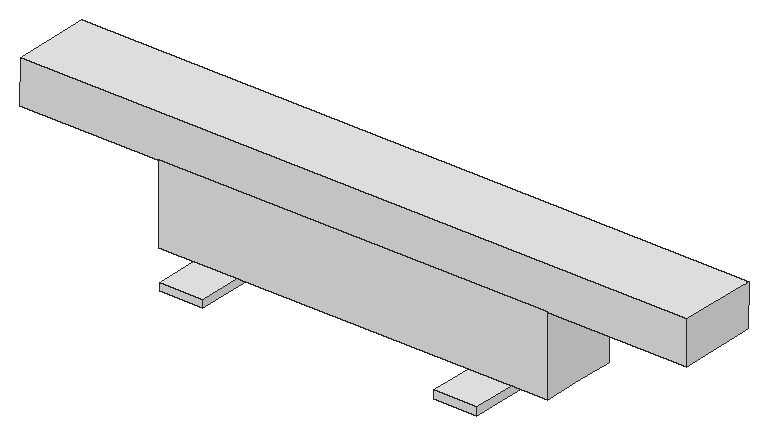
Revit family "Lighting-Linear-Acclaim-Al Graze AC", category Lighting Fixtures, host Face, Revit 2015
Parameters (values of type "A")
  Wattage = 9.2903 W
  built-in parameter 1150110 = 1 (stored number, unit not read)
  Voltage = 0 V
  URL = "http://www.acclaimlighting.com/"
  built-in parameter 1114217 = 1 (stored number, unit not read)
  Tilt Angle = -90.00°
  built-in parameter 1150109 = 1 (stored number, unit not read)
  built-in parameter 1150134 = 3
  built-in parameter 1150113 = 1 (stored number, unit not read)
  Power Factor = 1
  Photometric Web File = "generic"
  Number of Poles = 1
  built-in parameter 1150142 = (empty or 0)
  Model = "AL Graze AC"
  Manufacturer = "Acclaim Lighting"
  built-in parameter 1150105 = 109.82 (stored number, unit not read)
  Lumens = 1380 lm
  built-in parameter 1150115 = 1 (stored number, unit not read)
  built-in parameter 1150137 = (empty or 0)
  built-in parameter 1150139 = (empty or 0)
  Length = 1' - 0"
  built-in parameter 1150112 = 1 (stored number, unit not read)
  built-in parameter 1150114 = 1 (stored number, unit not read)
  Lamp = "LED"
  built-in parameter 1150132 = (empty or 0)
  built-in parameter 1150102 = (empty or 0)
  built-in parameter 1150107 = 3200 (stored number, unit not read)
  built-in parameter 1150138 = (empty or 0)
  built-in parameter 1150106 = 1.0982 (stored number, unit not read)
  Housing Finish = Aluminum
  Emit from Line Length = Length  # 1' - 0"
  built-in parameter 1150104 = 13.8 (stored number, unit not read)
  Dimming Lamp Color Temperature Shift = <None>
  Description = "Linear Graze Lighting"
  Default Elevation = 4' - 0"
  Color Filter = 16777215
  built-in parameter 1114218 = 1 (stored number, unit not read)
  built-in parameter 1150133 = 10 (stored number, unit not read)
  Apparent Load = 0 VA
Types (3): name | Model | Length | Emit from Line Length | Description
  (no name) | "AL Graze AC" | 1' - 0" | 1' - 0" | "Linear Graze Lighting"
  A | "AL Graze AC" | 1' - 0" | 1' - 0" | "Linear Graze Lighting"
  D | "Al Graze AC" | 4' - 0" | 4' - 0" | "Linear Graze Fixture"
Reference planes (in)
  plane 1 "Center (Front/Back)": y = 0
  plane 2: z = 0
  plane 3 "Center (Left/Right)": x = 0
  plane 4: x = -6
  plane 5: x = 6
  plane 6: x = -2.86874
  plane 7: x = -2.08749
  plane 8: x = 2.06876
  plane 9: x = 2.85001
  plane 10: z = 2.32
Forms (in)
  Extrusion 1, solid, material "Aluminum" <- "Housing Finish"
    sketch origin (0, 0, 0) x (0, 1, 0) y (0, 0, 1)
      loop
        line (0, 1.54802) -> (-0.69, 1.54802) -> (-0.69, 0.13395) -> (0, 0.13395) -> (0.69, 0.13395) -> (0.69, 1.54802) -> (0, 1.54802)
    from -3.5 to 3.49098
  Extrusion 2, solid, material "Aluminum" <- "Housing Finish"
    sketch origin (0, 0, 0.59375) x (0, 1, 0) y (0, 0, 1)
      loop
        line (-0.69, 0.95427) -> (0.69, 0.95427) -> (0.69, 1.72625) -> (-0.69, 1.72625) -> (-0.69, 0.95427)
    from -6 to 6
  Extrusion 3, solid, material "Aluminum" <- "Housing Finish"
    sketch origin (0, 0, 0) x (0, 1, 0) y (0, 0, 1)
      loop
        line (-1.47265, 0.13395) -> (-1.47265, 0) -> (0, 0) -> (1.47265, 0) -> (1.47265, 0.13395) -> (0.38044, 0.13395)
        arc (0.38044, 0.13395) -> (0.27083, 0.24318) -> (0.23069, 0.39262) r 0.29828
        arc (0.23069, 0.39262) -> (0.16313, 0.55574) -> (0, 0.62331) r 0.23069
        arc (0, 0.62331) -> (-0.16313, 0.55574) -> (-0.23069, 0.39262) r 0.23069
        arc (-0.23069, 0.39262) -> (-0.27083, 0.24318) -> (-0.38044, 0.13395) r 0.29828
        line (-0.38044, 0.13395) -> (-1.47265, 0.13395)
    from -2.86874 to -2.08749
  Extrusion 4, solid, material "Aluminum" <- "Housing Finish"
    sketch origin (0, 0, 0) x (0, 1, 0) y (0, 0, 1)
      loop
        line (-1.47265, 0.13395) -> (-1.47265, 0) -> (0, 0) -> (1.47265, 0) -> (1.47265, 0.13395) -> (0.38044, 0.13395)
        arc (0.38044, 0.13395) -> (0.27083, 0.24318) -> (0.23069, 0.39262) r 0.29828
        arc (0.23069, 0.39262) -> (0.16313, 0.55574) -> (0, 0.62331) r 0.23069
        arc (0, 0.62331) -> (-0.16313, 0.55574) -> (-0.23069, 0.39262) r 0.23069
        arc (-0.23069, 0.39262) -> (-0.27083, 0.24318) -> (-0.38044, 0.13395) r 0.29828
        line (-0.38044, 0.13395) -> (-1.47265, 0.13395)
    from 2.06876 to 2.85001
  Extrusion 5, solid, material "Aluminum" <- "Housing Finish"
    sketch origin (0, 0, 0) x (0, 1, 0) y (0, 0, 1)
      loop
        circle (0, 0.37331) r 0.25
    from -2.86874 to -2.08749
  Extrusion 6, solid, material "Aluminum" <- "Housing Finish"
    sketch origin (0, -0.00075, 0) x (0, 1, 0) y (0, 0, 1)
      loop
        circle (0, 0.37331) r 0.25
    from 2.06876 to 2.85001
Dimensions and locks (in)
  equal spacing: plane 4, plane 3 "Center (Left/Right)", plane 5
  plane 4 to plane 5 = 1' - 0"
  equal spacing: plane 5, plane 3 "Center (Left/Right)", plane 4
  "Length": plane 5 to plane 4
  locked: plane 4 to Extrusion 1 at 2.5
  locked: plane 5 to Extrusion 1 at 2.50902
  Extrusion 1 to Extrusion 3 to Extrusion 3 = 0' - 0.63126" locked, 0' - 0 25/32" locked
  locked: Extrusion 4 to Extrusion 4 at 0.78125
  locked: Extrusion 4 to Extrusion 1 at 0.64098
  aligned and locked: plane 2 to host face
  aligned and locked: level to host face
  aligned and locked: Extrusion 2 to plane 4
  aligned and locked: plane 5 to Extrusion 2
  aligned and locked: Extrusion 3 to Extrusion 5  (x2)
  aligned and locked: Extrusion 4 to Extrusion 6  (x2)
Automatic sketch dimensions
  host sketch curve to host sketch curve = 8' - 0"  (x2)
  Extrusion 5 sketch curve to plane 1 "Center (Front/Back)" = 0' - 0"
  level to Extrusion 5 sketch curve = 0' - 0.37331"
  level to Extrusion 6 sketch curve = 0' - 0.37331"
  plane 1 "Center (Front/Back)" to Extrusion 6 sketch curve = 0' - 0.00075"
  Extrusion 3 sketch curve to Extrusion 3 sketch curve = 0' - 0"  (x3)
  Extrusion 3 sketch curve to level = 0' - 0"
  Extrusion 3 sketch curve to plane 1 "Center (Front/Back)" = 0' - 0"  (x2)
  level to Extrusion 3 sketch curve = 0' - 0.13395"  (x2)
  plane 1 "Center (Front/Back)" to Extrusion 3 sketch curve = 0' - 0.38044"
  Extrusion 3 sketch curve to Extrusion 3 sketch curve = 0' - 0.14854"  (x2)
  Extrusion 3 sketch curve to Extrusion 3 sketch curve = 0' - 0.94368"  (x2)
  Extrusion 3 sketch curve to plane 1 "Center (Front/Back)" = 0' - 0.38044"
  Extrusion 3 sketch curve to Extrusion 3 sketch curve = 0' - 0.25866"
  Extrusion 4 sketch curve to Extrusion 4 sketch curve = 0' - 0"  (x3)
  Extrusion 4 sketch curve to level = 0' - 0"
  Extrusion 4 sketch curve to plane 1 "Center (Front/Back)" = 0' - 0"  (x2)
  level to Extrusion 4 sketch curve = 0' - 0.13395"  (x2)
  plane 1 "Center (Front/Back)" to Extrusion 4 sketch curve = 0' - 0.38044"
  Extrusion 4 sketch curve to Extrusion 4 sketch curve = 0' - 0.14854"  (x2)
  Extrusion 4 sketch curve to Extrusion 4 sketch curve = 0' - 0.94368"  (x2)
  Extrusion 4 sketch curve to plane 1 "Center (Front/Back)" = 0' - 0.38044"
  Extrusion 4 sketch curve to Extrusion 4 sketch curve = 0' - 0.25866"
  Extrusion 1 sketch curve to plane 1 "Center (Front/Back)" = 0' - 0"  (x2)
  level to Extrusion 1 sketch curve = 0' - 0.13395"
  plane 1 "Center (Front/Back)" to Extrusion 1 sketch curve = 0' - 0.69"
  Extrusion 1 sketch curve to Extrusion 1 sketch curve = 0' - 0.69"
  Extrusion 1 sketch curve to plane 10 = 0' - 0.77198"
  Extrusion 2 sketch curve to plane 10 = 0' - 0"
  Extrusion 2 sketch curve to plane 1 "Center (Front/Back)" = 0' - 0.69"
  Extrusion 2 sketch curve to plane 10 = 0' - 0.77198"
  plane 1 "Center (Front/Back)" to Extrusion 2 sketch curve = 0' - 0.69"
  radius of Extrusion 5 sketch curve = 0' - 0 1/4"
  radius of Extrusion 6 sketch curve = 0' - 0 1/4"
Connectors (in)
  electrical at (3.49098, 0, 0.84099), driven by "Number of Poles", driven by "Voltage", driven by "Apparent Load", driven by "Power Factor"
    settings: on Extrusion 1, index 1, voltage 0 V, apparent load 0 VA, apparent load phase1 0 VA, apparent load phase2 0 VA, apparent load phase3 0 VA, power factor 1, load classification "Other", number of poles 1, system type 31, power factor state 1, is connector primary yes, connector utility no, sub classification motor no, connector description "Power"
